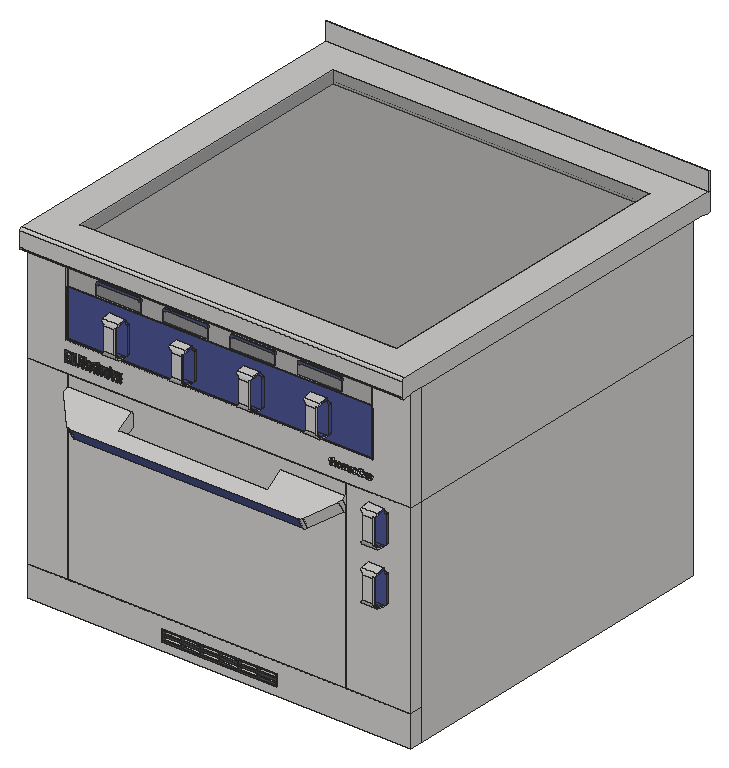
Revit family "QF_ELECTROLUXPROFESSIONAL_588428_MAIMEBH8AO", category Attrezzature speciali, Revit 2020
Family settings
  Quota connettore circolare = Usa diametro
  Tipo di parte = Normale
  Basato su piano di lavoro = No
  Sempre verticale = Sì
  Taglio con vuoti quando caricato = No
  Condiviso = No
  Punto di calcolo locali = No
Parameters (values of type "Standard")
  Weight = 121.00 kg
  Watts = 25300 W
  Volts = 400 V
  URL Manufacturer = "https://www.electroluxprofessional.com/"
  URL = "https://www.electroluxprofessional.com/"
  Steam Supply Size = 0"
  Steam Supply Minimum Pressure = 0.00 psi
  Steam Supply Maximum Pressure = 0.00 psi
  Steam Consumption per Hour = 0
  Refrigeration Suction Line Size = 0 mm
  Refrigeration Liquid Line Size = 0 mm
  Refrigerant Compressor Remote = yes
  Prospetto di default = 0 mm
  Phase = 3
  Modello = "MAIMEBH8AO"
  Produttore = "Electrolux Professional"
  Length Actual = 800 mm  # constant formula
  Item Number = "588428"
  Hot Water Size = 0"
  Height Actual = 700 mm  # constant formula
  HP = "33.9 HP"
  Gas Size = 0"
  Gas KW = 0
  Gas Input Pressure = 0.0 Btu/h
  Direct Waste Size = 0"
  Descrizione = "INDUCTION,4Z,ST.OVEN,1S,BS,800X800X700H"
  Depth Actual = 800 mm  # constant formula
  Cycle = 50 Hz
  Condensate Return Size = 0"
  Compressed Air Volume = 0 GPM
  Compressed Air Size = 0"
  Compressed Air Pressure = 0.00 psi
  Cold Water Size = 0"
  Accessory = yes
Reference planes
  plane 1 "BACK": y = 0
  plane 2: z = 0
  plane 3 "LEFT": x = 0
  plane 4 "RIGHT": x = 800
  plane 5 "FRONT": y = -800
  plane 6 "TOP": z = 900
  plane 7 "Center (Left/Right)": x = 400
  plane 8: y = -400
  plane 9: z = 200
  plane 10: y = -150
  plane 11 "Panel": y = -755
  plane 12: z = 798
  plane 13: z = 1327
  plane 14: x = 78
  plane 15: x = 722
  plane 16: y = -150
  plane 17: y = -650
  plane 18 "EIx": x = 755
  plane 19 "EIy": y = -585
  plane 20: z = 938
Forms (mm)
  Extrusion 1, solid, material "QF_Finishes_Stainless Steel"
    sketch origin (-178.969, -4572, 200) x (-1, 0, 0) y (0, -1, 0)
      loop
        line (-178.969, -4527) -> (-178.969, -3817) -> (-978.969, -3817) -> (-978.969, -4527) -> (-178.969, -4527)
    from 449.969 to 662.969
  Extrusion 2, solid, material "QF_Finishes_Stainless Steel"
    sketch origin (0, 0, 0) x (0, 1, 0) y (0, 0, 1)
      loop
        line (-755, 200) -> (-755, 264.969) -> (-780, 264.969) -> (-780, 200) -> (-755, 200)
    from 0 to 800
  Extrusion 3, solid, material "QF_Finishes_Stainless Steel"
    sketch origin (-588.969, -4562, 200) x (-1, 0, 0) y (0, -1, 0)
      loop
        circle (-1343.969, -3977) r 6.35
    from 0 to -11.851
  Extrusion 4, solid, material "QF_Finishes_Stainless Steel"
    sketch origin (400, 296.4, 1219.2) x (0, 1, 0) y (0, 0, 1)
      loop
        line (-296.4, -319.2) -> (-1091.4, -319.2)
        arc (-1091.4, -319.2) -> (-1094.935, -320.664) -> (-1096.4, -324.2) r 5
        line (-1096.4, -324.2) -> (-1096.4, -355.2)
        arc (-1096.4, -355.2) -> (-1094.971, -358.264) -> (-1091.705, -359.139) r 4
        line (-1091.705, -359.139) -> (-1076.4, -356.231) -> (-316.4, -356.231) -> (-301.094, -359.139)
        arc (-301.094, -359.139) -> (-297.829, -358.264) -> (-296.4, -355.2) r 4
        line (-296.4, -355.2) -> (-296.4, -319.2)
    from -400 to 400
  Extrusion 5, solid, material "QF_Finishes_Electrolux_Black Smoke Iluminated"
    sketch origin (0, 0, 900) x (-1, 0, 0) y (0, -1, 0)
      loop
        line (-70, 70) -> (-70, 730) -> (-730, 730) -> (-730, 70) -> (-70, 70)
    from 0 to -20
  Extrusion 6, solid, material "QF_Finishes_Stainless Steel"
    sketch origin (-178.969, -4572, 200) x (-1, 0, 0) y (0, -1, 0)
      loop
        line (-178.969, -4527) -> (-178.969, -3817) -> (-978.969, -3817) -> (-978.969, -4527) -> (-178.969, -4527)
    from 449.969 to 0
  Extrusion 7, void
    sketch origin (0, -755, 0) x (-1, 0, 0) y (0, 0, 1)
      loop
        line (-520, 216.594) -> (-280, 216.594) -> (-280, 241.594) -> (-520, 241.594) -> (-520, 216.594)
    from 0 to -25
  Extrusion 8, solid, material "QF_Finishes_Black"
    sketch origin (0, -755, 0) x (-1, 0, 0) y (0, 0, 1)
      loop
        line (-280, 241.594) -> (-520, 241.594) -> (-520, 216.594) -> (-280, 216.594) -> (-280, 241.594)
      loop
        line (-282, 239.594) -> (-319.131, 239.594) -> (-319.131, 230.094) -> (-282, 230.094) -> (-282, 239.594)
      loop
        line (-282, 218.594) -> (-282, 228.094) -> (-319.131, 228.094) -> (-319.131, 218.594) -> (-282, 218.594)
      loop
        line (-321.131, 239.594) -> (-359.066, 239.594) -> (-359.066, 230.094) -> (-321.131, 230.094) -> (-321.131, 239.594)
      loop
        line (-399, 239.594) -> (-399, 230.094) -> (-361.066, 230.094) -> (-361.066, 239.594) -> (-399, 239.594)
      loop
        line (-401, 239.594) -> (-438.934, 239.594) -> (-438.934, 230.094) -> (-401, 230.094) -> (-401, 239.594)
      loop
        line (-359.066, 218.594) -> (-321.131, 218.594) -> (-321.131, 228.094) -> (-359.066, 228.094) -> (-359.066, 218.594)
      loop
        line (-361.066, 218.594) -> (-361.066, 228.094) -> (-399, 228.094) -> (-399, 218.594) -> (-361.066, 218.594)
      loop
        line (-401, 228.094) -> (-438.934, 228.094) -> (-438.934, 218.594) -> (-401, 218.594) -> (-401, 228.094)
      loop
        line (-518, 239.594) -> (-518, 230.094) -> (-480.869, 230.094) -> (-480.869, 239.594) -> (-518, 239.594)
      loop
        line (-518, 218.594) -> (-480.869, 218.594) -> (-480.869, 228.094) -> (-518, 228.094) -> (-518, 218.594)
      loop
        line (-478.869, 239.594) -> (-478.869, 230.094) -> (-440.934, 230.094) -> (-440.934, 239.594) -> (-478.869, 239.594)
      loop
        line (-440.934, 218.594) -> (-440.934, 228.094) -> (-478.869, 228.094) -> (-478.869, 218.594) -> (-440.934, 218.594)
    from -25.03 to -20
  Extrusion 9, void
    sketch origin (0, 0, 900) x (-1, 0, 0) y (0, -1, 0)
      loop
        line (-70, 730) -> (-730, 730) -> (-730, 70) -> (-70, 70) -> (-70, 730)
    from 0 to -25
  Extrusion 10, solid, material "QF_Finishes_Stainless Steel"
    sketch origin (400, 296.4, 1219.2) x (0, 1, 0) y (0, 0, 1)
      loop
        line (-296.4, -281.2) -> (-298.4, -281.2) -> (-298.4, -319.2) -> (-296.4, -319.2) -> (-296.4, -281.2)
    from -400 to 400
Cuts and joins
  Extrusion 7 cuts Extrusion 6
  Extrusion 7 cuts Extrusion 2
  Extrusion 9 cuts Extrusion 4
Lines and regions (mm)
  symbolic lines
    curve 1: line (0, 0, 200) -> (800, 0, 200)
    curve 2: line (0, -800, 200) -> (0, 0, 200)
    curve 3: line (800, -800, 200) -> (0, -800, 200)
    curve 4: line (800, 0, 200) -> (800, -800, 200)
    curve 43: line (70, -70, 900) -> (70, -730, 900)
    curve 44: line (730, -70, 900) -> (70, -70, 900)
    curve 45: line (730, -730, 900) -> (730, -70, 900)
    curve 46: line (70, -730, 900) -> (730, -730, 900)
    curve 47: line (0, -2, 900) -> (800, -2, 900)
  model lines
    curve 5: line (695.34, -85, 900) -> (104.7, -85, 900)
    curve 6: line (104.7, -85, 900) -> (83.818, -105.882, 900)
    curve 7: line (695.34, -85, 900) -> (716.222, -105.882, 900)
    curve 8: line (695.34, -715.016, 900) -> (104.7, -715.016, 900)
    curve 9: line (104.7, -715.016, 900) -> (83.818, -694.133, 900)
    curve 10: line (695.34, -715.016, 900) -> (716.222, -694.133, 900)
    curve 11: line (111.855, -137.021, 900) -> (111.855, -368.354, 900)
    curve 12: line (111.855, -368.354, 900) -> (129.256, -385.756, 900)
    curve 13: line (111.855, -137.021, 900) -> (129.256, -119.619, 900)
    curve 14: line (195.528, -252.687, 900) -> (293.968, -252.687, 900)
    curve 15: line (377.642, -137.021, 900) -> (377.642, -368.354, 900)
    curve 16: line (377.642, -368.354, 900) -> (360.24, -385.756, 900)
    curve 17: line (377.642, -137.021, 900) -> (360.24, -119.619, 900)
    curve 18: line (244.748, -301.907, 900) -> (244.748, -203.467, 900)
    curve 19: line (688.186, -137.021, 900) -> (688.186, -368.354, 900)
    curve 20: line (688.186, -368.354, 900) -> (670.784, -385.756, 900)
    curve 21: line (688.186, -137.021, 900) -> (670.784, -119.619, 900)
    curve 22: line (604.512, -252.687, 900) -> (506.072, -252.687, 900)
    curve 23: line (422.398, -137.021, 900) -> (422.398, -368.354, 900)
    curve 24: line (422.398, -368.354, 900) -> (439.8, -385.756, 900)
    curve 25: line (422.398, -137.021, 900) -> (439.8, -119.619, 900)
    curve 26: line (555.292, -301.907, 900) -> (555.292, -203.467, 900)
    curve 27: line (111.855, -662.995, 900) -> (111.855, -431.661, 900)
    curve 28: line (111.855, -431.661, 900) -> (129.256, -414.259, 900)
    curve 29: line (111.855, -662.995, 900) -> (129.256, -680.397, 900)
    curve 30: line (195.528, -547.328, 900) -> (293.968, -547.328, 900)
    curve 31: line (377.642, -662.995, 900) -> (377.642, -431.661, 900)
    curve 32: line (377.642, -431.661, 900) -> (360.24, -414.259, 900)
    curve 33: line (377.642, -662.995, 900) -> (360.24, -680.397, 900)
    curve 34: line (244.748, -498.108, 900) -> (244.748, -596.548, 900)
    curve 35: line (688.186, -662.995, 900) -> (688.186, -431.661, 900)
    curve 36: line (688.186, -431.661, 900) -> (670.784, -414.259, 900)
    curve 37: line (688.186, -662.995, 900) -> (670.784, -680.397, 900)
    curve 38: line (604.512, -547.328, 900) -> (506.072, -547.328, 900)
    curve 39: line (422.398, -662.995, 900) -> (422.398, -431.661, 900)
    curve 40: line (422.398, -431.661, 900) -> (439.8, -414.259, 900)
    curve 41: line (422.398, -662.995, 900) -> (439.8, -680.397, 900)
    curve 42: line (555.292, -498.108, 900) -> (555.292, -596.548, 900)
Dimensions and locks
  plane 3 "LEFT" to plane 4 "RIGHT" = 800 mm
  plane 5 "FRONT" to plane 1 "BACK" = 800 mm
  equal spacing: plane 3 "LEFT", plane 7 "Center (Left/Right)", plane 4 "RIGHT"
  equal spacing: plane 5 "FRONT", plane 8, plane 1 "BACK"
  plane 6 "TOP" to level = 900 mm  (x2)
  plane 9 to level = 200 mm
  plane 1 "BACK" to plane 10 to plane 11 "Panel" = 150 mm, 605 mm  (x2)
  plane 6 "TOP" to plane 9 to level = 700 mm, 200 mm
  plane 1 "BACK" to plane 5 "FRONT" = 800 mm
  plane 1 "BACK" to Extrusion 3 = 585 mm
  plane 12 to plane 9 = 598 mm
  plane 13 to plane 6 "TOP" = 427 mm
  plane 6 "TOP" to plane 12 = 102 mm
  plane 14 to plane 3 "LEFT" = 78 mm
  plane 15 to plane 4 "RIGHT" = 78 mm
  locked: plane 1 "BACK" to plane 16 at 150
  locked: plane 16 to plane 17 at 500
  plane 11 "Panel" to plane 5 "FRONT" = 45 mm
  plane 18 "EIx" to plane 4 "RIGHT" = 45 mm
  plane 19 "EIy" to plane 1 "BACK" = 585 mm
  plane 20 to plane 6 "TOP" = 38 mm
  aligned and locked: level to plane 2
  aligned and locked: Extrusion 2 to plane 4 "RIGHT"
  aligned and locked: plane 3 "LEFT" to nested 1
  aligned and locked: nested 4 to plane 4 "RIGHT"
  aligned and locked: nested 4 to plane 11 "Panel"
  aligned and locked: nested 4 to cut or joined group of Extrusion 4, Extrusion 9
  aligned and locked: nested 1 to cut or joined group of Extrusion 6, Extrusion 7
  aligned and locked: Extrusion 10 to plane 3 "LEFT"
  aligned and locked: Extrusion 10 to plane 4 "RIGHT"
  aligned and locked: Extrusion 1 to cut or joined group of Extrusion 4, Extrusion 9
  aligned and locked: cut or joined group of Extrusion 6, Extrusion 7 to nested 4
  aligned and locked: Extrusion 1 to cut or joined group of Extrusion 6, Extrusion 7
  aligned and locked: cut or joined group of Extrusion 2, Extrusion 7 to nested 1
Automatic sketch dimensions
  Extrusion 2 sketch curve to plane 9 = 0 mm
  Extrusion 2 sketch curve to plane 11 "Panel" = 0 mm
  Extrusion 2 sketch curve to plane 5 "FRONT" = 20 mm
  plane 9 to Extrusion 2 sketch curve = 64.969 mm
  Extrusion 3 sketch curve to plane 18 "EIx" = 0 mm
  Extrusion 3 sketch curve to plane 19 "EIy" = 0 mm
  Extrusion 4 sketch curve to plane 5 "FRONT" = 0 mm
  Extrusion 4 sketch curve to plane 6 "TOP" = 0 mm
  Extrusion 4 sketch curve to plane 1 "BACK" = 0 mm
  Extrusion 4 sketch curve to plane 5 "FRONT" = 4 mm
  Extrusion 4 sketch curve to Extrusion 4 sketch curve = 0.695 mm
  Extrusion 4 sketch curve to plane 5 "FRONT" = 5 mm
  Extrusion 4 sketch curve to Extrusion 4 sketch curve = 15.305 mm
  plane 1 "BACK" to Extrusion 4 sketch curve = 20 mm
  plane 1 "BACK" to Extrusion 4 sketch curve = 4.695 mm
  Extrusion 4 sketch curve to Extrusion 4 sketch curve = 4 mm
  Extrusion 4 sketch curve to Extrusion 4 sketch curve = 31 mm
  Extrusion 4 sketch curve to plane 6 "TOP" = 36 mm
  Extrusion 4 sketch curve to Extrusion 4 sketch curve = 2.909 mm
  plane 10 to Extrusion 5 sketch curve = 80 mm
  plane 9 to Extrusion 7 sketch curve = 41.594 mm
  plane 7 "Center (Left/Right)" to Extrusion 7 sketch curve = 120 mm
  Extrusion 7 sketch curve to plane 7 "Center (Left/Right)" = 120 mm
  plane 9 to Extrusion 7 sketch curve = 16.594 mm
  plane 9 to Extrusion 8 sketch curve = 41.594 mm
  plane 7 "Center (Left/Right)" to Extrusion 8 sketch curve = 120 mm
  Extrusion 8 sketch curve to Extrusion 8 sketch curve = 2 mm  (x15)
  Extrusion 8 sketch curve to Extrusion 8 sketch curve = 0 mm  (x16)
  Extrusion 8 sketch curve to Extrusion 8 sketch curve = 37.131 mm  (x2)
  Extrusion 8 sketch curve to Extrusion 8 sketch curve = 37.934 mm  (x3)
  plane 7 "Center (Left/Right)" to Extrusion 8 sketch curve = 1 mm  (x2)
  Extrusion 8 sketch curve to plane 7 "Center (Left/Right)" = 1 mm  (x2)
  plane 9 to Extrusion 8 sketch curve = 18.594 mm  (x4)
  Extrusion 8 sketch curve to Extrusion 8 sketch curve = 9.5 mm  (x6)
  plane 18 "EIx" to Extrusion 9 sketch curve = 25 mm
  plane 14 to Extrusion 9 sketch curve = 8 mm
  plane 10 to Extrusion 9 sketch curve = 80 mm
  plane 11 "Panel" to Extrusion 9 sketch curve = 25 mm
  Extrusion 1 sketch curve to plane 4 "RIGHT" = 0 mm
  Extrusion 1 sketch curve to plane 3 "LEFT" = 0 mm
  Extrusion 1 sketch curve to plane 11 "Panel" = 0 mm
  plane 1 "BACK" to Extrusion 1 sketch curve = 45 mm
  plane 1 "BACK" to curve 1 = 0 mm
  curve 1 to plane 4 "RIGHT" = 0 mm
  curve 2 to plane 3 "LEFT" = 0 mm
  plane 5 "FRONT" to curve 3 = 0 mm
  Extrusion 6 sketch curve to plane 4 "RIGHT" = 0 mm
  Extrusion 6 sketch curve to plane 3 "LEFT" = 0 mm
  Extrusion 6 sketch curve to plane 11 "Panel" = 0 mm
  plane 1 "BACK" to Extrusion 6 sketch curve = 45 mm
  Extrusion 5 sketch curve to plane 15 = 8 mm
  plane 14 to Extrusion 5 sketch curve = 8 mm
  plane 17 to Extrusion 5 sketch curve = 80 mm
  plane 15 to curve 8 = 26.66 mm
  plane 15 to curve 7 = 26.66 mm
  plane 17 to curve 37 = 12.995 mm
  plane 15 to curve 37 = 33.814 mm
  plane 15 to curve 19 = 33.814 mm
  plane 7 "Center (Left/Right)" to curve 23 = 22.398 mm
  plane 7 "Center (Left/Right)" to curve 39 = 22.398 mm
  curve 15 to plane 7 "Center (Left/Right)" = 22.358 mm
  curve 33 to plane 7 "Center (Left/Right)" = 22.358 mm
  curve 27 to plane 14 = 33.855 mm
  curve 11 to plane 14 = 33.855 mm
  curve 8 to plane 14 = 26.7 mm
  curve 5 to plane 14 = 26.7 mm
  plane 17 to curve 33 = 12.995 mm
  plane 17 to curve 29 = 12.995 mm
  curve 36 to plane 8 = 31.661 mm
  curve 32 to plane 8 = 31.661 mm
  curve 39 to plane 8 = 31.661 mm
  curve 28 to plane 8 = 31.661 mm
  plane 8 to curve 11 = 31.646 mm
  plane 8 to curve 15 = 31.646 mm
  plane 8 to curve 24 = 31.646 mm
  plane 8 to curve 20 = 31.646 mm
  plane 10 to curve 15 = 12.979 mm
  plane 10 to curve 13 = 12.979 mm
  plane 10 to curve 23 = 12.979 mm
  plane 10 to curve 19 = 12.979 mm
  curve 5 to curve 19 = 52.021 mm
  plane 17 to curve 39 = 12.995 mm
  plane 11 "Panel" to curve 10 = 39.984 mm
  plane 15 to curve 10 = 5.778 mm
  plane 15 to curve 7 = 5.778 mm
  plane 8 to curve 20 = 14.244 mm
  curve 19 to curve 20 = 17.402 mm
  curve 35 to curve 37 = 17.402 mm  (x2)
  curve 19 to curve 21 = 17.402 mm
  curve 36 to plane 8 = 14.259 mm
  curve 36 to curve 36 = 17.402 mm
  plane 19 "EIy" to curve 38 = 37.672 mm
  plane 15 to curve 38 = 117.488 mm
  plane 15 to curve 22 = 117.488 mm
  curve 22 to curve 26 = 49.22 mm  (x2)
  curve 38 to curve 42 = 49.22 mm
  curve 42 to curve 38 = 49.22 mm  (x2)
  curve 26 to curve 22 = 49.22 mm
  curve 41 to curve 39 = 17.402 mm
  curve 40 to plane 8 = 14.259 mm
  curve 40 to curve 39 = 17.402 mm
  plane 8 to curve 24 = 14.244 mm
  curve 24 to curve 23 = 17.402 mm
  curve 25 to curve 23 = 17.402 mm  (x2)
  curve 31 to curve 33 = 17.402 mm  (x2)
  curve 17 to curve 17 = 17.402 mm  (x2)
  plane 8 to curve 16 = 14.244 mm
  curve 15 to curve 16 = 17.402 mm
  curve 32 to plane 8 = 14.259 mm
  curve 31 to curve 32 = 17.402 mm
  curve 14 to plane 7 "Center (Left/Right)" = 106.032 mm
  plane 19 "EIy" to curve 30 = 37.672 mm
  curve 30 to plane 7 "Center (Left/Right)" = 106.032 mm
  curve 34 to plane 19 "EIy" = 11.548 mm
  curve 30 to curve 34 = 49.22 mm
  curve 14 to curve 18 = 49.22 mm  (x2)
  curve 34 to curve 30 = 49.22 mm  (x2)
  curve 18 to curve 14 = 49.22 mm
  plane 8 to curve 12 = 14.244 mm
  curve 12 to curve 12 = 17.402 mm
  curve 28 to plane 8 = 14.259 mm
  curve 28 to curve 27 = 17.402 mm
  curve 29 to curve 27 = 17.402 mm
  curve 13 to curve 13 = 17.402 mm  (x2)
  curve 9 to plane 14 = 5.818 mm
  curve 6 to plane 14 = 5.818 mm
  curve 42 to plane 19 "EIy" = 11.548 mm
  plane 8 to curve 26 = 98.093 mm
  plane 8 to curve 18 = 98.093 mm
  curve 18 to plane 10 = 53.467 mm
  curve 26 to plane 10 = 53.467 mm
  curve 21 to curve 19 = 17.402 mm
  curve 6 to curve 6 = 20.882 mm
  curve 5 to curve 7 = 20.882 mm
  curve 39 to curve 41 = 17.402 mm
  curve 27 to curve 29 = 17.402 mm
  curve 10 to curve 8 = 20.882 mm
  curve 9 to curve 9 = 20.882 mm
  plane 14 to curve 44 = 8 mm
  plane 1 "BACK" to curve 44 = 70 mm
  curve 44 to plane 15 = 8 mm
  plane 11 "Panel" to curve 43 = 25 mm
  Extrusion 10 sketch curve to plane 20 = 0 mm
  Extrusion 10 sketch curve to plane 6 "TOP" = 0 mm
  Extrusion 10 sketch curve to plane 1 "BACK" = 0 mm
  Extrusion 10 sketch curve to Extrusion 10 sketch curve = 2 mm
  radius of Extrusion 3 sketch curve = 6.35 mm
Nested families
  nested 1: "Door_Panel_W800_A" at (300, -755, -0.031), type "Door_Panel_W800_A"
  nested 2: "FIT Range Control Handle" at (730, -783.167, -372.751), type "FIT Range Control Handle"
  nested 3: "FIT Range Control Handle" at (730, -783.167, -484.751), type "FIT Range Control Handle"
  nested 4: "Front_Panel_W800_4 Knobs" at (202.376, -755, -0.031), type "Front_Panel_W800_4 Knobs"
Connectors
  electrical at (755, -585, 188.149)
    settings: on Extrusion 3, index 1, voltage 400 V, apparent load 33000 VA, apparent load phase1 0 VA, apparent load phase2 0 VA, apparent load phase3 0 VA, power factor 1, load classification "Other", number of poles 1, system type 30, power factor state 1, is connector primary yes, connector utility no, sub classification motor no, connector description "ELECTRICAL CONNECTION"
Definition of nested family "Door_Panel_W800_A"
  Parameters
    Default Elevation = 0 mm
  Reference planes
    plane 1 "Center (Front/Back)": y = 0
    plane 2 "Ref. Level": z = 0
    plane 3: x = 500
    plane 4: x = -300
    plane 5 "Center (Left/Right)": x = 100
    plane 6: x = -215
    plane 7: x = 365
    plane 8 "Manopola": through (-6096, -50.059, 612.389) normal (0, -0.515, 0.8572)
    plane 9 "Top": z = 650
    plane 10: z = 265
    plane 11: z = 200
  Forms (mm)
    Extrusion 1, solid
      sketch origin (100, 0, 0) x (0, 1, 0) y (0, 0, 1)
        loop
          line (-25.03, 650) -> (-25.03, 265) -> (0, 265) -> (0, 650) -> (-25.03, 650)
      from 265 to 400
    Extrusion 2, solid
      sketch origin (100, 0, 0) x (0, 1, 0) y (0, 0, 1)
        loop
          line (-25.03, 650) -> (-25.03, 265) -> (0, 265) -> (0, 650) -> (-25.03, 650)
      from -400 to -315
    Extrusion 3, solid
      sketch origin (100, 0, 0) x (0, 1, 0) y (0, 0, 1)
        loop
          line (-25.03, 650) -> (-25.03, 265) -> (0, 265) -> (0, 650) -> (-25.03, 650)
      from -315 to 265
    Extrusion 4, solid
      sketch origin (0, -283.633, 472.044) x (0, 0.857167, 0.515038) y (-1, 0, 0)
        loop
          line (299.12, -365) -> (299.12, 215) -> (290.982, 215)
          arc (290.982, 215) -> (286.677, 214.026) -> (283.211, 211.293) r 10
          line (283.211, 211.293) -> (233.28, 170.86)
          arc (233.28, 170.86) -> (230.548, 167.394) -> (229.574, 163.089) r 10
          line (229.574, 163.089) -> (229.574, -313.089)
          arc (229.574, -313.089) -> (230.548, -317.394) -> (233.28, -320.86) r 10
          line (233.28, -320.86) -> (283.211, -361.293)
          arc (283.211, -361.293) -> (286.677, -364.026) -> (290.982, -365) r 10
          line (290.982, -365) -> (299.12, -365)
      from -27 to 0
    Extrusion 5, void
      sketch origin (100, 0, 0) x (0, 1, 0) y (0, 0, 1)
        loop
          line (-61.514, 605.507) -> (-47.608, 582.363) -> (-25.03, 595.93) -> (-25.03, 627.429) -> (-61.514, 605.507)
      from -180 to 130
    Extrusion 6, solid, detail levels coarse
      sketch origin (100, 0, 0) x (0, 1, 0) y (0, 0, 1)
        loop
          line (-25.03, 265) -> (-25.03, 650)
          arc (-25.03, 650) -> (-297.266, 537.236) -> (-410.03, 265) r 385
          line (-410.03, 265) -> (-25.03, 265)
      from -315 to 265
  Cuts and joins
    Extrusion 5 cuts Extrusion 4
    joined: Extrusion 3, Extrusion 4
  Lines and regions (mm)
    symbolic lines
      curve 1: line (-207.355, -45.043, 0) -> (-170.86, -83.673, 0)
      curve 2: line (-163.089, -86.85, 0) -> (313.089, -86.85, 0)
      curve 3: line (320.86, -83.673, 0) -> (357.355, -45.043, 0)
      curve 4: arc (-163.089, -86.85, 0) -> (-167.318, -86.101, 0) -> (-170.86, -83.673, 0) r 10.165
      curve 5: arc (313.089, -86.85, 0) -> (317.318, -86.101, 0) -> (320.86, -83.673, 0) r 10.165
      curve 6: line (-215, -45.043, 0) -> (-215, -410.03, 0)
      curve 7: line (-215, -410.03, 0) -> (365, -410.03, 0)
      curve 8: line (365, -410.03, 0) -> (365, -45.03, 0)
  Dimensions and locks
    plane 3 to plane 4 = 800 mm
    plane 4 to plane 3 = 800 mm
    equal spacing: plane 3, plane 5 "Center (Left/Right)", plane 4
    plane 6 to plane 4 = 85 mm
    plane 3 to plane 7 = 135 mm
    plane 11 to level = 200 mm
    plane 10 to plane 11 = 65 mm
    plane 10 to plane 9 "Top" = 385 mm
    plane 9 "Top" to plane 11 = 450 mm
    aligned and locked: plane 3 to Extrusion 1
    aligned and locked: cut or joined group of Extrusion 3, Extrusion 4, Extrusion 5 to plane 6
    aligned and locked: cut or joined group of Extrusion 3, Extrusion 4, Extrusion 5 to plane 7
    aligned and locked: plane 7 to Extrusion 1
    aligned and locked: plane 6 to Extrusion 2
    aligned and locked: Extrusion 2 to plane 4
    aligned and locked: plane 10 to Extrusion 2
    aligned and locked: plane 10 to cut or joined group of Extrusion 3, Extrusion 4, Extrusion 5
    aligned and locked: plane 10 to Extrusion 1
    aligned and locked: Extrusion 6 to plane 6
    aligned and locked: Extrusion 6 to plane 7
  Automatic sketch dimensions
    Extrusion 5 sketch curve to plane 8 "Manopola" = 0 mm  (x2)
    plane 1 "Center (Front/Back)" to Extrusion 5 sketch curve = 61.514 mm
    Extrusion 5 sketch curve to Extrusion 5 sketch curve = 13.906 mm
    plane 1 "Center (Front/Back)" to Extrusion 5 sketch curve = 25.03 mm
    Extrusion 4 sketch curve to plane 7 = 0 mm
    Extrusion 4 sketch curve to plane 6 = 0 mm
    plane 6 to Extrusion 4 sketch curve = 51.911 mm
    plane 7 to Extrusion 4 sketch curve = 44.14 mm
    Extrusion 4 sketch curve to Extrusion 4 sketch curve = 3.707 mm  (x2)
    plane 6 to Extrusion 4 sketch curve = 44.14 mm
    plane 7 to Extrusion 4 sketch curve = 3.707 mm
    Extrusion 4 sketch curve to Extrusion 4 sketch curve = 49.93 mm  (x2)
    plane 6 to Extrusion 4 sketch curve = 3.707 mm
    Extrusion 4 sketch curve to Extrusion 4 sketch curve = 7.771 mm  (x3)
    Extrusion 4 sketch curve to Extrusion 4 sketch curve = 8.138 mm
    Extrusion 2 sketch curve to plane 1 "Center (Front/Back)" = 0 mm
    Extrusion 3 sketch curve to plane 1 "Center (Front/Back)" = 0 mm
    Extrusion 1 sketch curve to plane 1 "Center (Front/Back)" = 0 mm
    Extrusion 2 sketch curve to plane 9 "Top" = 0 mm
    Extrusion 2 sketch curve to Extrusion 2 sketch curve = 25.03 mm
    Extrusion 3 sketch curve to plane 9 "Top" = 0 mm
    Extrusion 3 sketch curve to Extrusion 3 sketch curve = 25.03 mm
    Extrusion 1 sketch curve to plane 9 "Top" = 0 mm
    plane 1 "Center (Front/Back)" to Extrusion 1 sketch curve = 25.03 mm
    level to Extrusion 1 sketch curve = 265 mm
    level to Extrusion 2 sketch curve = 265 mm
    level to Extrusion 3 sketch curve = 265 mm
    plane 10 to Extrusion 6 sketch curve = 0 mm
    Extrusion 6 sketch curve to plane 9 "Top" = 0 mm
    plane 1 "Center (Front/Back)" to Extrusion 6 sketch curve = 25.03 mm
    curve 7 to plane 7 = 0 mm
    plane 6 to curve 1 = 44.14 mm
    curve 4 to curve 4 = 7.389 mm
    curve 4 to curve 2 = 7.771 mm
    plane 7 to curve 2 = 51.911 mm
    curve 2 to curve 5 = 0.382 mm
    curve 2 to curve 3 = 7.771 mm
    plane 1 "Center (Front/Back)" to curve 6 = 410.03 mm
    plane 1 "Center (Front/Back)" to curve 2 = 86.85 mm
    curve 2 to curve 3 = 3.177 mm
    curve 2 to curve 1 = 3.177 mm
    plane 7 to curve 3 = 7.645 mm
    plane 1 "Center (Front/Back)" to curve 3 = 45.043 mm
    curve 3 to curve 8 = 0.013 mm
    curve 7 to plane 6 = 0 mm
    curve 6 to curve 1 = 7.645 mm
    plane 1 "Center (Front/Back)" to curve 1 = 45.043 mm
    curve 6 to curve 1 = 0 mm
Definition of nested family "FIT Range Control Handle"
  Parameters
    Default Elevation = 0 mm
  Reference planes
    plane 1 "Center (Front/Back)": y = 0
    plane 2: z = 0
    plane 3 "Center (Left/Right)": x = 0
    plane 4: z = 971.092
    plane 5: y = -16.8
  Forms (mm)
    Extrusion 1, solid
      sketch origin (-746.28, 380.497, 208.931) x (-1, 0, 0) y (0, 0, 1)
        loop
          line (-770.101, 786.798) -> (-770.101, 731.649)
          arc (-770.101, 731.649) -> (-769.759, 730.563) -> (-768.855, 729.87) r 1.893
          line (-768.855, 729.87) -> (-763.474, 727.911) -> (-729.81, 727.911) -> (-724.428, 729.87)
          arc (-724.428, 729.87) -> (-723.525, 730.563) -> (-723.183, 731.649) r 1.893
          line (-723.183, 731.649) -> (-723.183, 786.798)
          arc (-723.183, 786.798) -> (-723.529, 787.894) -> (-724.44, 788.593) r 1.91
          line (-724.44, 788.593) -> (-729.683, 790.819) -> (-763.601, 790.819) -> (-768.844, 788.593)
          arc (-768.844, 788.593) -> (-769.755, 787.894) -> (-770.101, 786.798) r 1.91
      from -382.35 to -378.852
    Sweep 2, solid
      path origin (-746.788, 380.496, 208.091) x (0, -1, 0) y (0, 0, 1)
        loop
          line (379.775, 793.281) -> (395.661, 791.048)
          arc (395.661, 791.048) -> (397.781, 787.377) -> (398.517, 783.202) r 12.207
          line (398.517, 783.202) -> (398.517, 737.368)
          arc (398.517, 737.368) -> (397.781, 733.193) -> (395.661, 729.522) r 12.207
          line (395.661, 729.522) -> (379.775, 727.289)
      profile origin (-746.788, -7.222, 1000.256) x (0, -0.139173, 0.990268) y (-1, 0, 0)
        loop
          line (0.782, -763.123) -> (0.782, -730.907) -> (-1.322, -730.907) -> (-1.322, -763.123) -> (0.782, -763.123)
    Sweep 3, solid
      path origin (-746.788, 380.715, 207.832) x (0, -1, 0) y (0, 0, 1)
        loop
          line (380.478, 795.442) -> (397.218, 793.09)
          arc (397.218, 793.09) -> (399.929, 788.473) -> (400.871, 783.202) r 15.207
          line (400.871, 783.202) -> (400.871, 737.584)
          arc (400.871, 737.584) -> (399.914, 732.274) -> (397.164, 727.633) r 15.207
          line (397.164, 727.633) -> (380.601, 725.305)
      profile origin (-746.788, -8.132, 1002.099) x (0, -0.139173, 0.990268) y (-1, 0, 0)
        loop
          line (0.782, -763.123) -> (0.782, -730.907) -> (-1.322, -730.907) -> (-1.322, -763.123) -> (0.782, -763.123)
    Extrusion 4, void
      sketch origin (889.253, 220.666, 207.993) x (1, 0, 0) y (0, 0, 1)
        loop
          line (-943.038, 816.854) -> (-943.038, 703.686) -> (-899.466, 734.196) -> (-899.466, 786.344) -> (-943.038, 816.854)
      from 230.636 to 242.25
    Extrusion 5, void
      sketch origin (-888.8, 220.666, 207.993) x (-1, 0, 0) y (0, 0, -1)
        loop
          line (-943.038, -816.854) -> (-899.466, -786.344) -> (-899.466, -734.196) -> (-943.038, -703.686) -> (-943.038, -816.854)
      from 230.636 to 242.25
    Extrusion 6, solid
      sketch origin (0, 0, 0) x (1, 0, 0) y (0, 0, 1)
        loop
          circle (0, 971.092) r 7.736
      from -3.137 to -1.645
  Cuts and joins
    Extrusion 4, Extrusion 5 cuts Sweep 3
    Extrusion 4, Extrusion 5 cuts Sweep 2
    joined: Extrusion 1, Extrusion 6
  Lines and regions (mm)
    symbolic lines
      curve 1: line (-15.881, -19.189, 0) -> (-15.881, -16.8, 0)
      curve 2: line (16.334, -19.189, 0) -> (16.334, -16.8, 0)
      curve 3: spline (-15.881, -19.189, 0) -> (-15.417, -19.349, 0) -> (-14.951, -19.501, 0) -> (-14.483, -19.646, 0) -> (-14.014, -19.783, 0) -> (-13.543, -19.912, 0) -> (-13.071, -20.033, 0) -> (-12.597, -20.146, 0) -> (-12.122, -20.251, 0) -> (-11.646, -20.349, 0) -> (-11.169, -20.438, 0) -> (-10.691, -20.52, 0) -> (-10.213, -20.593, 0)
      curve 4: spline (10.666, -20.593, 0) -> (11.144, -20.52, 0) -> (11.622, -20.438, 0) -> (12.099, -20.349, 0) -> (12.575, -20.251, 0) -> (13.05, -20.146, 0) -> (13.524, -20.033, 0) -> (13.996, -19.912, 0) -> (14.467, -19.783, 0) -> (14.936, -19.646, 0) -> (15.404, -19.501, 0) -> (15.87, -19.349, 0) -> (16.334, -19.189, 0)
      curve 5: line (-10.213, -20.938, 0) -> (10.716, -20.938, 0)
  Dimensions and locks
    cut or joined group of Sweep 3, Extrusion 4, Extrusion 5 to cut or joined group of Sweep 3, Extrusion 4, Extrusion 5 = 71.686 mm
Definition of nested family "Front_Panel_W800_4 Knobs"
  Parameters
    Default Elevation = 0 mm
  Reference planes
    plane 1 "Center (Front/Back)": y = 0
    plane 2: z = 0
    plane 3 "Center (Left/Right)": x = 197.624
    plane 4 "Left": x = -202.376
    plane 5 "Right": x = 597.624
    plane 6: y = -45
    plane 7: x = -12.376
    plane 8: x = 127.624
    plane 9: y = -310
    plane 10: y = -25
    plane 11: x = 517.624
    plane 12: x = -122.376
  Forms (mm)
    Extrusion 1, solid
      sketch origin (833.217, 829.203, -1.25) x (0, 1, 0) y (0, 0, 1)
        loop
          line (-854.203, 651.25) -> (-829.203, 651.25) -> (-829.203, 864.25) -> (-854.203, 864.25) -> (-854.203, 651.25)
      from -1035.593 to -235.593
    Extrusion 2, void
      sketch origin (0, 0, 0) x (1, 0, 0) y (0, 0, 1)
        loop
          line (-122.376, 853.866) -> (-122.376, 711.866) -> (517.624, 711.866) -> (517.624, 853.866) -> (-122.376, 853.866)
      from 19.387 to 33.951
  Cuts and joins
    Extrusion 2 cuts Extrusion 1
  Dimensions and locks
    equal spacing: plane 5 "Right", plane 3 "Center (Left/Right)", plane 4 "Left"
    plane 5 "Right" to plane 4 "Left" = 800 mm
    plane 3 "Center (Left/Right)" to plane 7 = 210 mm
    plane 3 "Center (Left/Right)" to plane 8 = 70 mm
    plane 6 to plane 9 = 265 mm
    aligned and locked: cut or joined group of Extrusion 1, Extrusion 2 to plane 4 "Left"
    aligned and locked: plane 5 "Right" to cut or joined group of Extrusion 1, Extrusion 2
    aligned and locked: plane 3 "Center (Left/Right)" to nested 2
    aligned and locked: cut or joined group of Extrusion 1, Extrusion 2 to nested 2
  Automatic sketch dimensions
    Extrusion 1 sketch curve to plane 1 "Center (Front/Back)" = 0 mm
    level to Extrusion 1 sketch curve = 650 mm
    plane 4 "Left" to Extrusion 2 sketch curve = 80 mm
    Extrusion 2 sketch curve to plane 5 "Right" = 80 mm
    level to Extrusion 2 sketch curve = 711.866 mm
    Extrusion 2 sketch curve to Extrusion 2 sketch curve = 142 mm
    Extrusion 1 sketch curve to plane 6 = 20 mm
    Extrusion 1 sketch curve to Extrusion 1 sketch curve = 213 mm
  Nested families
    nested 1: "Range Control Handle" at (-12.376, -28.137, -209.113) x (-1, 0, 0) z (0, 0, 1), type "Range Control Handle"
    nested 2: "Front glass control panel W800" at (197.624, 280.644, 2.752), type "Front glass control panel W800"
    nested 3: "Range Control Handle" at (127.624, -28.137, -209.113) x (-1, 0, 0) z (0, 0, 1), type "Range Control Handle"
    nested 4: "Range Control Handle" at (407.624, -28.137, -209.113), type "Range Control Handle"
    nested 5: "Range Control Handle" at (267.624, -28.137, -209.113), type "Range Control Handle"
    nested 6: "ELX_ThermaLine_Small" at (468.838, -25, 679.426) x (1, 0, 0) z (0, -1, 0), type "ELX_ThermaLine_Small"
      with Show Logo yes, Material_Logo none
    nested 7: "ELX_Professional_Logo_Small" at (-62.89, -25, 681.659) x (1, 0, 0) z (0, -1, 0), type "ELX_Professional_Logo_Small"
      with Show Logo yes, Material_Logo none
  Definition of nested family "Range Control Handle"
    Parameters
      Default Elevation = 0 mm
    Reference planes
      plane 1 "Center (Front/Back)": y = 0
      plane 2: z = 0
      plane 3 "Center (Left/Right)": x = 0
      plane 4: z = 971.092
      plane 5: y = -16.9
    Forms (mm)
      Extrusion 1, solid
        sketch origin (-746.28, 380.497, 208.931) x (-1, 0, 0) y (0, 0, 1)
          loop
            line (-770.101, 786.798) -> (-770.101, 731.649)
            arc (-770.101, 731.649) -> (-769.759, 730.563) -> (-768.855, 729.87) r 1.893
            line (-768.855, 729.87) -> (-763.474, 727.911) -> (-729.81, 727.911) -> (-724.428, 729.87)
            arc (-724.428, 729.87) -> (-723.525, 730.563) -> (-723.183, 731.649) r 1.893
            line (-723.183, 731.649) -> (-723.183, 786.798)
            arc (-723.183, 786.798) -> (-723.529, 787.894) -> (-724.44, 788.593) r 1.91
            line (-724.44, 788.593) -> (-729.683, 790.819) -> (-763.601, 790.819) -> (-768.844, 788.593)
            arc (-768.844, 788.593) -> (-769.755, 787.894) -> (-770.101, 786.798) r 1.91
        from -382.35 to -378.852
      Sweep 2, solid
        path origin (-746.788, 380.496, 208.091) x (0, -1, 0) y (0, 0, 1)
          loop
            line (379.775, 793.281) -> (395.661, 791.048)
            arc (395.661, 791.048) -> (397.781, 787.377) -> (398.517, 783.202) r 12.207
            line (398.517, 783.202) -> (398.517, 737.368)
            arc (398.517, 737.368) -> (397.781, 733.193) -> (395.661, 729.522) r 12.207
            line (395.661, 729.522) -> (379.775, 727.289)
        profile origin (-746.788, -7.222, 1000.256) x (0, -0.139173, 0.990268) y (-1, 0, 0)
          loop
            line (0.782, -763.123) -> (0.782, -730.907) -> (-1.322, -730.907) -> (-1.322, -763.123) -> (0.782, -763.123)
      Sweep 3, solid
        path origin (-746.788, 380.715, 207.832) x (0, -1, 0) y (0, 0, 1)
          loop
            line (380.478, 795.442) -> (397.218, 793.09)
            arc (397.218, 793.09) -> (399.929, 788.473) -> (400.871, 783.202) r 15.207
            line (400.871, 783.202) -> (400.871, 737.584)
            arc (400.871, 737.584) -> (399.914, 732.274) -> (397.164, 727.633) r 15.207
            line (397.164, 727.633) -> (380.601, 725.305)
        profile origin (-746.788, -8.132, 1002.099) x (0, -0.139173, 0.990268) y (-1, 0, 0)
          loop
            line (0.782, -763.123) -> (0.782, -730.907) -> (-1.322, -730.907) -> (-1.322, -763.123) -> (0.782, -763.123)
      Extrusion 4, void
        sketch origin (889.253, 220.666, 207.993) x (1, 0, 0) y (0, 0, 1)
          loop
            line (-943.038, 816.854) -> (-943.038, 703.686) -> (-899.466, 734.196) -> (-899.466, 786.344) -> (-943.038, 816.854)
        from 230.636 to 242.25
      Extrusion 5, void
        sketch origin (-888.8, 220.666, 207.993) x (-1, 0, 0) y (0, 0, -1)
          loop
            line (-943.038, -816.854) -> (-899.466, -786.344) -> (-899.466, -734.196) -> (-943.038, -703.686) -> (-943.038, -816.854)
        from 230.636 to 242.25
      Extrusion 6, solid
        sketch origin (0, 0, 0) x (1, 0, 0) y (0, 0, 1)
          loop
            circle (0, 971.092) r 7.736
        from -3.137 to -1.645
    Cuts and joins
      Extrusion 4, Extrusion 5 cuts Sweep 3
      Extrusion 4, Extrusion 5 cuts Sweep 2
      joined: Extrusion 1, Extrusion 6
    Lines and regions (mm)
      symbolic lines
        curve 1: line (16.334, -16.9, 0) -> (16.334, -19.227, 0)
        curve 2: spline (16.334, -19.227, 0) -> (15.87, -19.385, 0) -> (15.404, -19.536, 0) -> (14.936, -19.678, 0) -> (14.466, -19.813, 0) -> (13.995, -19.94, 0) -> (13.523, -20.059, 0) -> (13.049, -20.171, 0) -> (12.575, -20.274, 0) -> (12.099, -20.37, 0) -> (11.622, -20.458, 0) -> (11.144, -20.537, 0) -> (10.666, -20.609, 0)
        curve 3: line (10.666, -16.9, 0) -> (10.666, -20.938, 0)
        curve 4: line (-10.213, -20.938, 0) -> (10.666, -20.938, 0)
        curve 5: line (-10.213, -20.938, 0) -> (-10.213, -16.9, 0)
        curve 6: spline (-10.213, -20.609, 0) -> (-10.691, -20.537, 0) -> (-11.169, -20.458, 0) -> (-11.646, -20.37, 0) -> (-12.122, -20.274, 0) -> (-12.597, -20.171, 0) -> (-13.07, -20.059, 0) -> (-13.542, -19.94, 0) -> (-14.013, -19.813, 0) -> (-14.483, -19.678, 0) -> (-14.951, -19.536, 0) -> (-15.417, -19.385, 0) -> (-15.881, -19.227, 0)
        curve 7: line (-15.881, -19.227, 0) -> (-15.881, -16.9, 0)
  Definition of nested family "Front glass control panel W800"
    Parameters
      Default Elevation = 0 mm
    Reference planes
      plane 1 "Center (Front/Back)": y = 0
      plane 2: z = 0
      plane 3 "Center (Left/Right)": x = 0
    Forms (mm)
      Extrusion 1, solid
        sketch origin (378.286, 0, 0.617) x (1, 0, 0) y (0, 0, 1)
          loop
            line (-698.286, 806.791) -> (-698.286, 708.497) -> (-58.286, 708.497) -> (-58.286, 806.791) -> (-698.286, 806.791)
        from 300.031 to 304.8
      Extrusion 2, solid
        sketch origin (378.286, 0, 0.617) x (1, 0, 0) y (0, 0, 1)
          loop
            line (-698.286, 850.497) -> (-698.286, 806.791) -> (-58.286, 806.791) -> (-58.286, 850.497) -> (-698.286, 850.497)
        from 300.031 to 304.8
      Extrusion 3, void
        sketch origin (378.286, 0, 0.617) x (1, 0, 0) y (0, 0, 1)
          loop
            line (-695.628, 847.565) -> (-695.628, 710.699) -> (-61.196, 710.699) -> (-61.196, 847.565) -> (-695.628, 847.565)
        from 303.697 to 304.8
      Extrusion 4, solid
        sketch origin (-378.333, 1.101, -0.633) x (-1, 0, 0) y (0, 0, -1)
          loop
            line (-261.431, -812.62) -> (-355.186, -812.62) -> (-355.186, -834.177) -> (-350.269, -834.177) -> (-348.469, -835.977) -> (-268.039, -835.977) -> (-266.24, -834.177) -> (-261.431, -834.177) -> (-261.431, -812.62)
        from 304.798 to 306.745
      Extrusion 5, solid
        sketch origin (-378.333, 1.101, -0.633) x (-1, 0, 0) y (0, 0, -1)
          loop
            line (-350.269, -834.177) -> (-355.078, -834.177)
            arc (-355.078, -834.177) -> (-353.942, -838.747) -> (-349.686, -840.763) r 5.5
            line (-349.686, -840.763) -> (-266.98, -840.763)
            arc (-266.98, -840.763) -> (-262.706, -838.752) -> (-261.529, -834.177) r 5.549
            line (-261.529, -834.177) -> (-266.24, -834.177) -> (-268.039, -835.977) -> (-348.469, -835.977) -> (-350.269, -834.177)
        from 304.798 to 306.745
      Extrusion 6, solid
        sketch origin (-518.333, 1.101, -0.633) x (-1, 0, 0) y (0, 0, -1)
          loop
            line (-261.431, -812.62) -> (-355.186, -812.62) -> (-355.186, -834.177) -> (-350.269, -834.177) -> (-348.469, -835.977) -> (-268.039, -835.977) -> (-266.24, -834.177) -> (-261.431, -834.177) -> (-261.431, -812.62)
        from 304.798 to 306.745
      Extrusion 7, solid
        sketch origin (-518.333, 1.101, -0.633) x (-1, 0, 0) y (0, 0, -1)
          loop
            line (-350.269, -834.177) -> (-355.078, -834.177)
            arc (-355.078, -834.177) -> (-353.942, -838.747) -> (-349.686, -840.763) r 5.5
            line (-349.686, -840.763) -> (-266.98, -840.763)
            arc (-266.98, -840.763) -> (-262.706, -838.752) -> (-261.529, -834.177) r 5.549
            line (-261.529, -834.177) -> (-266.24, -834.177) -> (-268.039, -835.977) -> (-348.469, -835.977) -> (-350.269, -834.177)
        from 304.798 to 306.745
      Extrusion 8, solid
        sketch origin (378.333, 1.101, -0.633) x (1, 0, 0) y (0, 0, 1)
          loop
            line (-261.431, 812.62) -> (-261.431, 834.177) -> (-266.24, 834.177) -> (-268.039, 835.977) -> (-348.469, 835.977) -> (-350.269, 834.177) -> (-355.186, 834.177) -> (-355.186, 812.62) -> (-261.431, 812.62)
        from 304.798 to 306.745
      Extrusion 9, solid
        sketch origin (378.333, 1.101, -0.633) x (1, 0, 0) y (0, 0, 1)
          loop
            line (-350.269, 834.177) -> (-348.469, 835.977) -> (-268.039, 835.977) -> (-266.24, 834.177) -> (-261.529, 834.177)
            arc (-261.529, 834.177) -> (-262.706, 838.752) -> (-266.98, 840.763) r 5.549
            line (-266.98, 840.763) -> (-349.686, 840.763)
            arc (-349.686, 840.763) -> (-353.942, 838.747) -> (-355.078, 834.177) r 5.5
            line (-355.078, 834.177) -> (-350.269, 834.177)
        from 304.798 to 306.745
      Extrusion 10, solid
        sketch origin (518.333, 1.101, -0.633) x (1, 0, 0) y (0, 0, 1)
          loop
            line (-261.431, 812.62) -> (-261.431, 834.177) -> (-266.24, 834.177) -> (-268.039, 835.977) -> (-348.469, 835.977) -> (-350.269, 834.177) -> (-355.186, 834.177) -> (-355.186, 812.62) -> (-261.431, 812.62)
        from 304.798 to 306.745
      Extrusion 11, solid
        sketch origin (518.333, 1.101, -0.633) x (1, 0, 0) y (0, 0, 1)
          loop
            line (-350.269, 834.177) -> (-348.469, 835.977) -> (-268.039, 835.977) -> (-266.24, 834.177) -> (-261.529, 834.177)
            arc (-261.529, 834.177) -> (-262.706, 838.752) -> (-266.98, 840.763) r 5.549
            line (-266.98, 840.763) -> (-349.686, 840.763)
            arc (-349.686, 840.763) -> (-353.942, 838.747) -> (-355.078, 834.177) r 5.5
            line (-355.078, 834.177) -> (-350.269, 834.177)
        from 304.798 to 306.745
    Cuts and joins
      Extrusion 3 cuts Extrusion 1
      Extrusion 3 cuts Extrusion 2
    Dimensions and locks
      aligned and locked: Extrusion 1 to Extrusion 2
      aligned and locked: Extrusion 5 sketch curve to Extrusion 4  (x5)
      aligned and locked: Extrusion 5 to Extrusion 4
      aligned and locked: Extrusion 7 sketch curve to Extrusion 6  (x5)
      aligned and locked: Extrusion 7 to Extrusion 6
      aligned and locked: Extrusion 9 sketch curve to Extrusion 8  (x4)
      aligned and locked: Extrusion 8 to Extrusion 9 sketch curve
      aligned and locked: Extrusion 9 to Extrusion 8
      aligned and locked: Extrusion 11 sketch curve to Extrusion 10  (x4)
      aligned and locked: Extrusion 10 to Extrusion 11 sketch curve
      aligned and locked: Extrusion 11 to Extrusion 10
  Definition of nested family "ELX_ThermaLine_Small"
    Parameters
      Show Logo [instance] = yes
      Material_Logo [instance] = none
      Default Elevation = 0 mm
    Reference planes
      plane 1 "Centro (Fronte/Retro)": y = 0
      plane 2: z = 0
      plane 3 "Centro (Sinistra/Destra)": x = 0
    Forms (mm)
      Extrusion 1, solid
        sketch origin (0, 0, 0) x (1, 0, 0) y (0, 1, 0)
          loop
            line (-1219.2, 1219.2) -> (-1219.2, -1219.2) -> (1219.2, -1219.2) -> (1219.2, 1219.2) -> (-1219.2, 1219.2)
        from 0 to -304.8
      Extrusion 2, solid
        sketch origin (0, 0, 0) x (1, 0, 0) y (0, 1, 0)
          loop
            line (-37.494, 1.229) -> (-35.908, 1.229) -> (-35.908, 3.066) -> (-37.494, 3.066) -> (-37.494, 6.221) -> (-39.867, 4.881) -> (-39.867, 3.066) -> (-40.969, 3.066) -> (-40.969, 1.229) -> (-39.867, 1.229) -> (-39.867, -3.407)
            arc (-39.867, -3.407) -> (-38.982, -5.513) -> (-36.751, -6.001) r 2.478
            line (-36.751, -6.001) -> (-35.638, -5.7) -> (-35.9, -3.835) -> (-36.661, -4.039)
            arc (-36.661, -4.039) -> (-37.236, -3.924) -> (-37.494, -3.399) r 0.662
            line (-37.494, -3.399) -> (-37.494, 1.229)
          loop
            line (-34.242, 6.539) -> (-34.242, -5.848) -> (-31.854, -5.848) -> (-31.854, -0.078)
            arc (-31.854, -0.078) -> (-30.939, 1.249) -> (-29.33, 1.367) r 1.866
            arc (-29.33, 1.367) -> (-28.695, 0.768) -> (-28.461, -0.073) r 1.627
            line (-28.461, -0.073) -> (-28.461, -5.848) -> (-26.086, -5.848) -> (-26.064, -0.46)
            arc (-26.064, -0.46) -> (-26.261, 0.932) -> (-26.786, 2.237) r 5.825
            arc (-26.786, 2.237) -> (-29.381, 3.264) -> (-31.854, 1.971) r 3.353
            line (-31.854, 1.971) -> (-31.854, 6.539) -> (-34.242, 6.539)
          loop
            arc (-18.398, -0.598) -> (-18.893, 0.879) -> (-20.326, 1.487) r 1.897
            arc (-20.326, 1.487) -> (-21.461, 0.708) -> (-21.897, -0.598) r 2.164
            line (-21.897, -0.598) -> (-18.398, -0.598)
          loop
            arc (-16.021, -2.044) -> (-16.754, 1.227) -> (-19.444, 3.226) r 4.814
            arc (-19.444, 3.226) -> (-22.137, 2.788) -> (-23.943, 0.743) r 4.054
            arc (-23.943, 0.743) -> (-24.382, -1.249) -> (-24.162, -3.276) r 6.289
            arc (-24.162, -3.276) -> (-23.302, -4.71) -> (-21.958, -5.705) r 4.28
            arc (-21.958, -5.705) -> (-18.558, -5.814) -> (-16.152, -3.409) r 4.28
            line (-16.152, -3.409) -> (-18.5, -2.995)
            arc (-18.5, -2.995) -> (-19.273, -3.994) -> (-20.533, -4.076) r 1.536
            arc (-20.533, -4.076) -> (-21.56, -3.281) -> (-21.958, -2.044) r 2.197
            line (-21.958, -2.044) -> (-16.021, -2.044)
          loop
            line (-14.165, -5.848) -> (-11.819, -5.848) -> (-11.819, -2.138)
            arc (-11.819, -2.138) -> (-11.787, -1.156) -> (-11.637, -0.185) r 8.18
            arc (-11.637, -0.185) -> (-10.644, 0.972) -> (-9.132, 0.776) r 1.603
            line (-9.132, 0.776) -> (-8.419, 2.846)
            arc (-8.419, 2.846) -> (-10.432, 3.118) -> (-11.994, 1.821) r 2.527
            line (-11.994, 1.821) -> (-11.994, 3.094) -> (-14.165, 3.094) -> (-14.165, -5.848)
          loop
            line (-7.579, 3.094) -> (-7.579, -5.848) -> (-5.178, -5.848) -> (-5.178, -0.756)
            arc (-5.178, -0.756) -> (-4.727, 0.679) -> (-3.417, 1.419) r 2.05
            arc (-3.417, 1.419) -> (-2.499, 0.908) -> (-2.155, -0.085) r 1.471
            line (-2.155, -0.085) -> (-2.155, -5.848) -> (0.23, -5.848) -> (0.23, -1.001)
            arc (0.23, -1.001) -> (0.47, 0.127) -> (1.148, 1.061) r 2.775
            arc (1.148, 1.061) -> (2.225, 1.329) -> (3.05, 0.587) r 1.182
            arc (3.05, 0.587) -> (3.199, -0.019) -> (3.214, -0.642) r 2.894
            line (3.214, -0.642) -> (3.214, -5.848) -> (5.601, -5.848) -> (5.601, 0.261)
            arc (5.601, 0.261) -> (4.87, 2.263) -> (2.976, 3.241) r 2.932
            arc (2.976, 3.241) -> (1.284, 2.973) -> (-0.047, 1.896) r 3.309
            arc (-0.047, 1.896) -> (-1.116, 2.865) -> (-2.506, 3.258) r 3.16
            arc (-2.506, 3.258) -> (-4.105, 2.942) -> (-5.376, 1.92) r 3.419
            line (-5.376, 1.92) -> (-5.376, 3.094) -> (-7.579, 3.094)
          loop
            line (7.583, 0.738) -> (9.702, 0.364)
            arc (9.702, 0.364) -> (11.441, 1.492) -> (12.855, -0.023) r 1.613
            line (12.855, -0.023) -> (9.782, -0.789)
            arc (9.782, -0.789) -> (8.559, -1.346) -> (7.617, -2.305) r 3.687
            arc (7.617, -2.305) -> (7.499, -3.681) -> (7.901, -5.003) r 3.651
            arc (7.901, -5.003) -> (9.107, -5.766) -> (10.515, -6.006) r 3.635
            arc (10.515, -6.006) -> (11.898, -5.697) -> (13.067, -4.895) r 3.734
            line (13.067, -4.895) -> (13.376, -5.848) -> (15.75, -5.848) -> (15.212, -4.193) -> (15.212, 0.38)
            arc (15.212, 0.38) -> (14.897, 1.849) -> (13.818, 2.895) r 2.585
            arc (13.818, 2.895) -> (11.792, 3.442) -> (9.719, 3.11) r 5.005
            arc (9.719, 3.11) -> (8.369, 2.178) -> (7.583, 0.738) r 3.54
          loop
            line (19.723, -5.848) -> (22.233, -5.848) -> (24.854, 6.484) -> (22.345, 6.484) -> (19.723, -5.848)
          loop
            line (24.583, -5.848) -> (26.953, -5.848) -> (28.848, 3.066) -> (26.478, 3.066) -> (24.583, -5.848)
          loop
            line (27.204, 6.484) -> (26.741, 4.305) -> (29.111, 4.305) -> (29.575, 6.484) -> (27.204, 6.484)
          loop
            line (29.355, -5.848) -> (31.849, -5.848) -> (33.098, 0.028)
            arc (33.098, 0.028) -> (34.169, 1.306) -> (35.832, 1.422) r 2.132
            arc (35.832, 1.422) -> (36.324, 0.752) -> (36.383, -0.078) r 1.5
            line (36.383, -0.078) -> (35.157, -5.848) -> (37.536, -5.848) -> (38.936, 0.738)
            arc (38.936, 0.738) -> (38.775, 2.091) -> (37.825, 3.066) r 2.118
            arc (37.825, 3.066) -> (35.392, 3.175) -> (33.295, 1.937) r 4.271
            line (33.295, 1.937) -> (33.535, 3.066) -> (31.25, 3.066) -> (29.355, -5.848)
          loop
            line (42.792, -0.64) -> (46.589, -0.64)
            arc (46.589, -0.64) -> (46.639, 0.124) -> (46.327, 0.823) r 1.589
            arc (46.327, 0.823) -> (45.117, 1.521) -> (43.762, 1.183) r 1.865
            arc (43.762, 1.183) -> (43.141, 0.344) -> (42.792, -0.64) r 3.538
          loop
            line (42.565, -2.138) -> (48.593, -2.138)
            arc (48.593, -2.138) -> (48.58, 0.597) -> (46.983, 2.818) r 4.494
            arc (46.983, 2.818) -> (44.191, 3.28) -> (41.725, 1.891) r 4.26
            arc (41.725, 1.891) -> (40.503, -0.3) -> (40.284, -2.799) r 6.003
            arc (40.284, -2.799) -> (40.959, -4.468) -> (42.377, -5.576) r 3.482
            arc (42.377, -5.576) -> (44.265, -5.961) -> (46.152, -5.576) r 4.823
            arc (46.152, -5.576) -> (47.432, -4.731) -> (48.328, -3.485) r 4.245
            line (48.328, -3.485) -> (46.168, -3.105)
            arc (46.168, -3.105) -> (45.214, -4.072) -> (43.859, -4.181) r 1.953
            arc (43.859, -4.181) -> (42.821, -3.408) -> (42.565, -2.138) r 1.81
          loop
            line (12.868, -1.553) -> (10.216, -2.214)
            arc (10.216, -2.214) -> (9.747, -3.136) -> (10.216, -4.058) r 1.14
            arc (10.216, -4.058) -> (11.537, -4.249) -> (12.614, -3.46) r 1.763
            arc (12.614, -3.46) -> (12.858, -2.522) -> (12.868, -1.553) r 3.97
        from 0 to 1.6
    Dimensions and locks
      aligned and locked: plane 2 to Extrusion 1
      aligned and locked: level to Extrusion 1
  Definition of nested family "ELX_Professional_Logo_Small"
    Parameters
      Show Logo [instance] = yes
      Material_Logo [instance] = none
      Default Elevation = 0 mm
    Reference planes
      plane 1 "Centro (Fronte/Retro)": y = 0
      plane 2: z = 0
      plane 3 "Centro (Sinistra/Destra)": x = 0
    Forms (mm)
      Extrusion 1, solid
        sketch origin (0, 0, 0) x (1, 0, 0) y (0, 1, 0)
          loop
            line (-1219.2, 1219.2) -> (-1219.2, -1219.2) -> (1219.2, -1219.2) -> (1219.2, 1219.2) -> (-1219.2, 1219.2)
        from 0 to -304.8
      Extrusion 2, solid, material <- "Material_Logo"
        sketch origin (15.5, 0, 0) x (1, 0, 0) y (0, 1, 0)
          loop
            spline (-42.99, -1.24) -> (-43.195, -1.231) -> (-43.415, -1.203) -> (-43.642, -1.152) -> (-43.87, -1.074) -> (-44.095, -0.966) -> (-44.309, -0.825) -> (-44.506, -0.647) -> (-44.681, -0.429) -> (-44.828, -0.167) -> (-44.94, 0.142) -> (-45.011, 0.501) -> (-45.037, 0.915)
            line (-45.037, 0.915) -> (-45.037, 2.748) -> (-38.984, 2.748) -> (-38.984, 5.086) -> (-45.038, 5.086) -> (-45.038, 8.489) -> (-38.599, 8.489) -> (-38.599, 10.82) -> (-47.515, 10.82) -> (-47.515, 1.021)
            spline (-47.515, 1.021) -> (-47.493, 0.418) -> (-47.425, -0.15) -> (-47.311, -0.682) -> (-47.15, -1.175) -> (-46.939, -1.628) -> (-46.678, -2.038) -> (-46.365, -2.404) -> (-46, -2.723) -> (-45.58, -2.995) -> (-45.105, -3.216) -> (-44.573, -3.385) -> (-43.983, -3.499)
            line (-43.983, -3.499) -> (-43.01, -3.569) -> (-38.426, -3.569) -> (-38.426, -1.24) -> (-42.99, -1.24)
          loop
            line (-36.666, 4.021) -> (-36.666, -3.573) -> (-34.188, -3.573) -> (-34.188, 10.824) -> (-36.666, 10.824) -> (-36.666, 4.021)
          loop
            spline (-21.915, 1.897) -> (-21.957, 2.615) -> (-22.082, 3.303) -> (-22.285, 3.955) -> (-22.563, 4.564) -> (-22.913, 5.124) -> (-23.331, 5.629) -> (-23.814, 6.074) -> (-24.359, 6.451) -> (-24.961, 6.755) -> (-25.618, 6.98) -> (-26.326, 7.119) -> (-27.081, 7.167)
            spline (-27.081, 7.167) -> (-27.853, 7.122) -> (-28.586, 6.99) -> (-29.275, 6.774) -> (-29.915, 6.478) -> (-30.5, 6.104) -> (-31.024, 5.657) -> (-31.483, 5.138) -> (-31.871, 4.553) -> (-32.182, 3.904) -> (-32.411, 3.194) -> (-32.552, 2.427) -> (-32.6, 1.606)
            spline (-32.6, 1.606) -> (-32.553, 0.805) -> (-32.416, 0.057) -> (-32.193, -0.637) -> (-31.887, -1.271) -> (-31.504, -1.843) -> (-31.048, -2.35) -> (-30.523, -2.788) -> (-29.934, -3.154) -> (-29.284, -3.444) -> (-28.579, -3.656) -> (-27.822, -3.785) -> (-27.019, -3.829)
            spline (-27.019, -3.829) -> (-26.627, -3.82) -> (-26.239, -3.79) -> (-25.856, -3.739) -> (-25.477, -3.663) -> (-25.103, -3.562) -> (-24.734, -3.432) -> (-24.369, -3.273) -> (-24.01, -3.082) -> (-23.655, -2.858) -> (-23.305, -2.597) -> (-22.96, -2.299) -> (-22.621, -1.962)
            line (-22.621, -1.962) -> (-24.114, -0.509)
            spline (-24.114, -0.509) -> (-24.311, -0.699) -> (-24.509, -0.872) -> (-24.71, -1.03) -> (-24.915, -1.172) -> (-25.126, -1.297) -> (-25.346, -1.407) -> (-25.576, -1.5) -> (-25.817, -1.576) -> (-26.072, -1.636) -> (-26.342, -1.678) -> (-26.629, -1.704) -> (-26.936, -1.713)
            spline (-26.936, -1.713) -> (-27.384, -1.691) -> (-27.805, -1.625) -> (-28.196, -1.518) -> (-28.556, -1.372) -> (-28.882, -1.187) -> (-29.174, -0.966) -> (-29.429, -0.71) -> (-29.645, -0.422) -> (-29.821, -0.102) -> (-29.955, 0.247) -> (-30.045, 0.623) -> (-30.089, 1.026)
            line (-30.089, 1.026) -> (-21.956, 1.026) -> (-21.915, 1.897)
          loop
            spline (-24.446, 2.769) -> (-24.47, 3.075) -> (-24.54, 3.37) -> (-24.654, 3.65) -> (-24.807, 3.913) -> (-24.996, 4.156) -> (-25.219, 4.376) -> (-25.472, 4.57) -> (-25.753, 4.736) -> (-26.057, 4.869) -> (-26.382, 4.968) -> (-26.724, 5.03) -> (-27.081, 5.051)
            spline (-27.081, 5.051) -> (-27.464, 5.03) -> (-27.832, 4.97) -> (-28.183, 4.872) -> (-28.513, 4.74) -> (-28.819, 4.577) -> (-29.099, 4.384) -> (-29.347, 4.165) -> (-29.563, 3.923) -> (-29.742, 3.659) -> (-29.881, 3.377) -> (-29.977, 3.079) -> (-30.027, 2.769)
            line (-30.027, 2.769) -> (-24.446, 2.769)
          loop
            spline (-18.167, 1.669) -> (-18.138, 2.13) -> (-18.055, 2.567) -> (-17.921, 2.978) -> (-17.739, 3.358) -> (-17.512, 3.705) -> (-17.243, 4.016) -> (-16.937, 4.287) -> (-16.596, 4.517) -> (-16.223, 4.7) -> (-15.823, 4.835) -> (-15.398, 4.919) -> (-14.951, 4.947)
            spline (-14.951, 4.947) -> (-14.677, 4.938) -> (-14.414, 4.913) -> (-14.162, 4.871) -> (-13.921, 4.812) -> (-13.69, 4.738) -> (-13.467, 4.649) -> (-13.254, 4.544) -> (-13.048, 4.424) -> (-12.85, 4.291) -> (-12.659, 4.143) -> (-12.474, 3.981) -> (-12.295, 3.806)
            line (-12.295, 3.806) -> (-10.76, 5.403)
            spline (-10.76, 5.403) -> (-11.065, 5.709) -> (-11.38, 5.984) -> (-11.703, 6.228) -> (-12.035, 6.443) -> (-12.375, 6.63) -> (-12.723, 6.788) -> (-13.078, 6.92) -> (-13.44, 7.026) -> (-13.809, 7.107) -> (-14.184, 7.164) -> (-14.564, 7.198) -> (-14.951, 7.209)
            spline (-14.951, 7.209) -> (-15.725, 7.161) -> (-16.467, 7.02) -> (-17.169, 6.792) -> (-17.826, 6.482) -> (-18.43, 6.096) -> (-18.976, 5.637) -> (-19.455, 5.112) -> (-19.862, 4.525) -> (-20.19, 3.882) -> (-20.433, 3.189) -> (-20.584, 2.449) -> (-20.635, 1.669)
